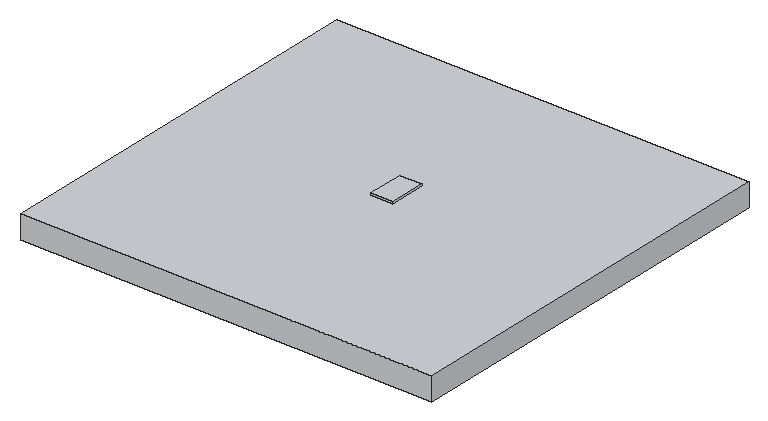
Revit family "M_Interruptores de luz", category Dispositivos de iluminação, Revit 2019
Family settings
  Hospedeiro = Face
  Manter orientação da anotação = Sim
  Cota do conector redondo = Utilizar diâmetro
  Tipo de parte = Interruptor
  Número OmniClass = 23.80.50.11.14
  Título OmniClass = Switches
  ID de item do Seek = Lighting Switches-0000-CAN-ENU
  Corte com vazios quando carregada = Não
  Compartilhado = Não
  Ponto de cálculo do ambiente = Não
Parameters (values of type "Disjuntor")
  Voltagem do interruptor [instance] = 120 V
  Classificação de carga = Outros
  Legenda = "CB"
  Elevação-padrão = 1200 mm
  Assembly Code = ""
  Carga aparente = 0 VA
Types (10, lengths in mm): name | Legenda
  Três vias | "3"
  Poste simples | ""
  Quatro vias | "4"
  Disjuntor | "CB"
  Regulador para iluminação | "D"
  Porta | "DR"
  Operado por chave | "K"
  Piloto iluminado | "P"
  Baixa voltagem | "LV"
  Temporizador | "T"
Reference planes
  plane 1 "Centro (Frente/Trás)": y = 0
  plane 2: z = 0
  plane 3 "Centro (Esquerda/Direita)": x = 0
  plane 4: x = -34.925
  plane 5: x = 34.925
  plane 6: x = -19.05
  plane 7: x = 19.05
  plane 8: y = 57.15
  plane 9: y = -57.15
  plane 10: y = 38.1
  plane 11: y = -38.1
  plane 12 "nível acima": z = 4.762
  plane 13 "nível abaixo": z = -53.975
Forms (mm)
  Extrusion 1, solid
    sketch origin (0, 0, 0) x (1, 0, 0) y (0, 1, 0)
      loop
        line (-644.525, 571.5) -> (-644.525, -666.75) -> (644.525, -666.75) -> (644.525, 571.5) -> (-644.525, 571.5)
    from 0 to -72.672
  Extrusion 2, solid
    sketch origin (0, 0, 0) x (1, 0, 0) y (0, 1, 0)
      loop
        line (-34.925, 57.15) -> (-34.925, -57.15) -> (34.925, -57.15) -> (34.925, 57.15) -> (-34.925, 57.15)
    from 0 to 4.762
  Extrusion 3, solid
    sketch origin (0, 0, 0) x (1, 0, 0) y (0, 1, 0)
      loop
        line (-19.05, 38.1) -> (-19.05, -38.1) -> (19.05, -38.1) -> (19.05, 38.1) -> (-19.05, 38.1)
    from 0 to -53.975
Lines and regions (mm)
  symbolic lines, detail levels fine
    curve 1: line (34.925, 0, 0) -> (-34.925, 0, 0)
    curve 2: line (34.925, 0, 4.762) -> (34.925, 0, 0)
    curve 3: line (-34.925, 0, 4.762) -> (34.925, 0, 4.762)
    curve 4: line (-34.925, 0, 0) -> (-34.925, 0, 4.762)
    curve 5: line (19.05, 0, -53.975) -> (-19.05, 0, -53.975)
    curve 6: line (19.05, 0, 0) -> (19.05, 0, -53.975)
    curve 7: line (-19.05, 0, -53.975) -> (-19.05, 0, 0)
Dimensions and locks
  equal spacing: plane 6, plane 3 "Centro (Esquerda/Direita)", plane 7, locked at 19.05 each
  locked: plane 6 to plane 7 at 38.1
  equal spacing: plane 4, plane 3 "Centro (Esquerda/Direita)", plane 5, locked at 34.925 each
  locked: plane 4 to plane 5 at 69.85
  locked: plane 8 to plane 9 at 114.3
  locked: plane 12 "nível acima" to level at 4.763
  locked: level to plane 13 "nível abaixo" at 53.975
  locked: plane 10 to plane 11 at 76.2
  equal spacing: plane 10, plane 1 "Centro (Frente/Trás)", plane 11, locked at 38.1 each
  equal spacing: plane 8, plane 1 "Centro (Frente/Trás)", plane 9, locked at 57.15 each
  aligned and locked: plane 2 to Extrusion 1
  aligned and locked: level to Extrusion 1
  aligned and locked: plane 8 to Extrusion 2
  aligned and locked: Extrusion 2 to plane 9
  aligned and locked: plane 5 to Extrusion 2
  aligned and locked: Extrusion 2 to plane 4
  aligned and locked: Extrusion 2 to level
  aligned and locked: plane 12 "nível acima" to Extrusion 2
  aligned and locked: plane 10 to Extrusion 3
  aligned and locked: Extrusion 3 to plane 6
  aligned and locked: plane 7 to Extrusion 3
  aligned and locked: Extrusion 3 to plane 11
  aligned and locked: Extrusion 3 to level
  aligned and locked: Extrusion 3 to plane 13 "nível abaixo"
  aligned and locked: plane 3 "Centro (Esquerda/Direita)" to nested 1
  aligned and locked: plane 1 "Centro (Frente/Trás)" to nested 1
  aligned and locked: curve 4 to plane 4
  aligned and locked: plane 5 to curve 2
  aligned and locked: curve 3 to plane 12 "nível acima"
  aligned and locked: plane 2 to curve 1
  aligned and locked: curve 7 to plane 6
  aligned and locked: plane 7 to curve 6
  aligned and locked: plane 13 "nível abaixo" to curve 5
Automatic sketch dimensions
  Extrusion 2 sketch curve to plane 4 = 0 mm
  Extrusion 2 sketch curve to plane 5 = 0 mm
  Extrusion 2 sketch curve to plane 9 = 0 mm
  Extrusion 2 sketch curve to plane 8 = 0 mm
  Extrusion 3 sketch curve to plane 6 = 0 mm
  Extrusion 3 sketch curve to plane 7 = 0 mm
  Extrusion 3 sketch curve to plane 11 = 0 mm
  Extrusion 3 sketch curve to plane 10 = 0 mm
  Extrusion 1 sketch curve to Extrusion 1 sketch curve = 1289.05 mm
  Extrusion 1 sketch curve to Extrusion 1 sketch curve = 1238.25 mm
Nested families
  nested 1: "M_Anotação de interruptores de luz" at (0, 0, 0), type "M_Anotação de interruptores de luz", detail levels coarse+medium
Connectors
  electrical at (0, 38.1, -26.988), driven by "Voltagem do interruptor", driven by "Carga aparente", driven by "Classificação de carga"
    settings: on Extrusion 3, index 1, voltage 120 V, apparent load 0 VA, apparent load phase1 0 VA, apparent load phase2 0 VA, apparent load phase3 0 VA, power factor 1, load classification "Outros", number of poles 1, system type 31, power factor state 1, is connector primary yes, connector utility no, sub classification motor no, connector description ""
Definition of nested family "M_Anotação de interruptores de luz"
  Parameters
    Legenda = "CB"
  Reference planes
    plane 1: y = 0
    plane 2: x = 0
  Lines and regions (mm)
    detail lines
      curve 1: line (0, 3.175, 0) -> (0, 0, 0)
      curve 3: arc (0.383, 2.833, 0) -> (-0.62, 2.459, 0) -> (0, 1.587, 0) r 0.674
      curve 4: arc (0, 1.587, 0) -> (0.392, 0.545, 0) -> (-0.718, 0.631, 0) r 0.66
    reference lines
      curve 2: line (0, 1.587, 0) -> (-3.044, 1.588, 0)
      curve 5: line (2.564, -1.199, 0) -> (2.564, 2.384, 0)
      curve 6: line (2.564, -1.199, 0) -> (7.201, -1.199, 0)
      curve 7: line (2.564, 1.163, 0) -> (7.878, 1.163, 0)
  Text (mm)
    label "2" at (1.592, -0.127, 0), shows "Legenda"
  Dimensions and locks
    locked: curve 6 to curve 7 at 2.362
    locked: curve 1 to curve 5 at 2.564
    locked: curve 1 to curve 1 at 3.175
    locked: plane 1 to curve 2 at 1.588
    aligned and locked: curve 1 to curve 2
    aligned and locked: curve 3 to curve 2
    aligned and locked: curve 4 to curve 2
    aligned and locked: plane 1 to curve 1
    aligned and locked: curve 1 to plane 2
    aligned and locked: plane 2 to curve 1
